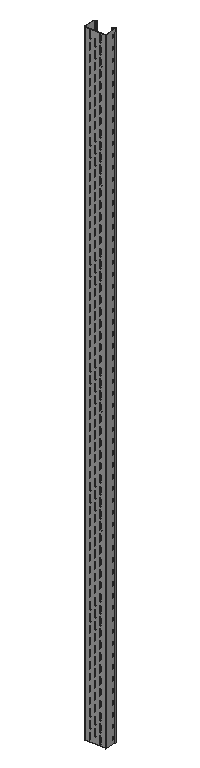
Revit family "Kabelrinne MKS 610FS", category Generic Models, Revit 2017 (continued)
Cuts and joins
  Extrusion 2, Extrusion 3, Extrusion 4, Extrusion 5, Extrusion 6, Extrusion 7, Extrusion 8, Extrusion 9, Extrusion 10, Extrusion 11, Extrusion 12, Extrusion 13, Extrusion 14, Extrusion 15, Extrusion 16, Extrusion 17, Extrusion 18, Extrusion 19, Extrusion 20, Extrusion 21, Extrusion 22, Extrusion 23, Extrusion 24, Extrusion 25, Extrusion 26, Extrusion 27, Extrusion 28, Extrusion 29, Extrusion 30, Extrusion 31, Extrusion 32, Extrusion 33, Extrusion 34, Extrusion 35, Extrusion 36, Extrusion 37, Extrusion 38, Extrusion 39, Extrusion 40, Extrusion 41, Extrusion 42, Extrusion 43, Extrusion 44, Extrusion 45, Extrusion 46, Extrusion 47, Extrusion 48, Extrusion 49, Extrusion 50, Extrusion 51, Extrusion 52, Extrusion 53, Extrusion 54, Extrusion 55, Extrusion 56, Extrusion 57, Extrusion 58, Extrusion 59, Extrusion 60, Extrusion 61, Extrusion 62, Extrusion 63, Extrusion 64, Extrusion 65, Extrusion 66, Extrusion 67, Extrusion 68, Extrusion 69, Extrusion 70, Extrusion 71, Extrusion 72, Extrusion 73, Extrusion 74, Extrusion 75, Extrusion 76, Extrusion 77, Extrusion 78, Extrusion 79, Extrusion 80, Extrusion 81, Extrusion 82, Extrusion 83, Extrusion 84, Extrusion 85, Extrusion 86, Extrusion 87, Extrusion 88, Extrusion 89, Extrusion 90, Extrusion 91, Extrusion 92, Extrusion 93, Extrusion 94, Extrusion 95, Extrusion 96, Extrusion 97, Extrusion 98, Extrusion 99, Extrusion 100, Extrusion 101, Extrusion 102, Extrusion 103, Extrusion 104, Extrusion 105, Extrusion 106, Extrusion 107, Extrusion 108, Extrusion 109, Extrusion 110, Extrusion 111, Extrusion 112, Extrusion 113, Extrusion 114, Extrusion 115, Extrusion 116, Extrusion 117, Extrusion 118, Extrusion 119, Extrusion 120, Extrusion 121, Extrusion 122, Extrusion 123, Extrusion 124, Extrusion 125, Extrusion 126, Extrusion 127, Extrusion 128, Extrusion 129, Extrusion 130, Extrusion 131, Extrusion 132, Extrusion 133, Extrusion 134, Extrusion 135, Extrusion 136, Extrusion 137, Extrusion 138, Extrusion 139, Extrusion 140, Extrusion 141, Extrusion 142, Extrusion 143, Extrusion 144, Extrusion 145, Extrusion 146, Extrusion 147, Extrusion 148, Extrusion 149, Extrusion 150, Extrusion 151, Extrusion 152, Extrusion 153, Extrusion 154, Extrusion 155, Extrusion 156, Extrusion 157, Extrusion 158, Extrusion 159, Extrusion 160, Extrusion 161, Extrusion 162, Extrusion 163, Extrusion 164, Extrusion 165, Extrusion 166, Extrusion 167, Extrusion 168, Extrusion 169, Extrusion 170, Extrusion 171, Extrusion 172, Extrusion 173, Extrusion 174, Extrusion 175, Extrusion 176, Extrusion 177, Extrusion 178, Extrusion 179, Extrusion 180, Extrusion 181, Extrusion 182, Extrusion 183, Extrusion 184, Extrusion 185, Extrusion 186, Extrusion 187, Extrusion 188, Extrusion 189, Extrusion 190, Extrusion 191, Extrusion 192, Extrusion 193, Extrusion 194, Extrusion 195, Extrusion 196, Extrusion 197, Extrusion 198, Extrusion 199, Extrusion 200, Extrusion 201, Extrusion 202, Extrusion 203, Extrusion 204, Extrusion 205, Extrusion 206, Extrusion 207, Extrusion 208, Extrusion 209, Extrusion 210, Extrusion 211, Extrusion 212, Extrusion 213, Extrusion 214, Extrusion 215, Extrusion 216, Extrusion 217, Extrusion 218, Extrusion 219, Extrusion 220, Extrusion 221, Extrusion 222, Extrusion 223, Extrusion 224, Extrusion 225, Extrusion 226, Extrusion 227, Extrusion 228, Extrusion 229, Extrusion 230, Extrusion 231, Extrusion 232, Extrusion 233, Extrusion 234, Extrusion 235, Extrusion 236, Extrusion 237, Extrusion 238, Extrusion 239, Extrusion 240, Extrusion 241, Extrusion 242, Extrusion 243, Extrusion 244, Extrusion 245, Extrusion 246, Extrusion 247, Extrusion 248, Extrusion 249, Extrusion 250, Extrusion 251, Extrusion 252, Extrusion 253, Extrusion 254, Extrusion 255, Extrusion 256, Extrusion 257, Extrusion 258, Extrusion 259, Extrusion 260, Extrusion 261, Extrusion 262, Extrusion 263, Extrusion 264, Extrusion 265, Extrusion 266, Extrusion 267, Extrusion 268, Extrusion 269, Extrusion 270, Extrusion 271, Extrusion 272, Extrusion 273, Extrusion 274, Extrusion 275, Extrusion 276, Extrusion 277, Extrusion 278, Extrusion 279, Extrusion 280, Extrusion 281, Extrusion 282, Extrusion 283, Extrusion 284, Extrusion 285, Extrusion 286, Extrusion 287, Extrusion 288, Extrusion 289, Extrusion 290, Extrusion 291, Extrusion 292, Extrusion 293, Extrusion 294, Extrusion 295, Extrusion 296, Extrusion 297, Extrusion 298, Extrusion 299, Extrusion 300, Extrusion 301, Extrusion 302, Extrusion 303, Extrusion 304, Extrusion 305, Extrusion 306, Extrusion 307, Extrusion 308, Extrusion 309, Extrusion 310, Extrusion 311, Extrusion 312, Extrusion 313, Extrusion 314, Extrusion 315, Extrusion 316, Extrusion 317, Extrusion 318, Extrusion 319, Extrusion 320, Extrusion 321, Extrusion 322, Extrusion 323, Extrusion 324, Extrusion 325, Extrusion 326, Extrusion 327, Extrusion 328, Extrusion 329, Extrusion 330, Extrusion 331, Extrusion 332, Extrusion 333, Extrusion 334, Extrusion 335, Extrusion 336, Extrusion 337, Extrusion 338, Extrusion 339, Extrusion 340, Extrusion 341, Extrusion 342, Extrusion 343, Extrusion 344, Extrusion 345, Extrusion 346, Extrusion 347, Extrusion 348, Extrusion 349, Extrusion 350, Extrusion 351, Extrusion 352, Extrusion 353, Extrusion 354, Extrusion 355, Extrusion 356, Extrusion 357, Extrusion 358, Extrusion 359, Extrusion 360, Extrusion 361, Extrusion 362, Extrusion 363, Extrusion 364, Extrusion 365, Extrusion 366, Extrusion 367, Extrusion 368, Extrusion 369, Extrusion 370, Extrusion 371, Extrusion 372, Extrusion 373, Extrusion 374, Extrusion 375, Extrusion 376, Extrusion 377, Extrusion 378, Extrusion 379, Extrusion 380, Extrusion 381, Extrusion 382, Extrusion 383, Extrusion 384, Extrusion 385, Extrusion 386, Extrusion 387, Extrusion 388, Extrusion 389, Extrusion 390, Extrusion 391, Extrusion 392, Extrusion 393, Extrusion 394, Extrusion 395, Extrusion 396, Extrusion 397, Extrusion 398, Extrusion 399, Extrusion 400, Extrusion 401, Extrusion 402, Extrusion 403, Extrusion 404, Extrusion 405, Extrusion 406, Extrusion 407, Extrusion 408, Extrusion 409, Extrusion 410, Extrusion 411, Extrusion 412, Extrusion 413, Extrusion 414, Extrusion 415, Extrusion 416, Extrusion 417, Extrusion 418, Extrusion 419, Extrusion 420 cuts Extrusion 1
Dimensions and locks
  locked: plane 4 to plane 3 "Center (Left/Right)" at 50
  locked: plane 3 "Center (Left/Right)" to plane 5 at 50
  locked: Extrusion 1 sketch curve to Extrusion 1 sketch curve at 1  (x5)
  locked: Extrusion 1 sketch curve to Extrusion 1 sketch curve at 9.003
  locked: Extrusion 1 sketch curve to Extrusion 1 sketch curve at 8.003
  locked: Extrusion 1 sketch curve to Extrusion 1 sketch curve at 58
  Extrusion 1 sketch curve to Extrusion 1 sketch curve = 59.003 mm
  locked: Extrusion 1 sketch curve to Extrusion 1 sketch curve at 58.003
  "Width 1": Extrusion 1 to plane 3 "Center (Left/Right)"
  "Width": Extrusion 1 to Extrusion 1
  plane 10 to level = 3000 mm
  locked: Extrusion 2 sketch curve to Extrusion 2 sketch curve at 7
  locked: plane 11 to Extrusion 2 sketch curve at 3.5
  locked: Extrusion 2 sketch curve to Extrusion 2 sketch curve at 32
  locked: plane 13 to Extrusion 2 sketch curve at 16
  locked: Extrusion 3 sketch curve to Extrusion 3 sketch curve at 7
  locked: plane 14 to Extrusion 3 sketch curve at 3.5
  locked: Extrusion 3 sketch curve to Extrusion 3 sketch curve at 32
  locked: plane 16 to Extrusion 3 sketch curve at 16
  locked: Extrusion 4 sketch curve to Extrusion 4 sketch curve at 7
  locked: plane 17 to Extrusion 4 sketch curve at 3.5
  locked: Extrusion 4 sketch curve to Extrusion 4 sketch curve at 32
  locked: plane 19 to Extrusion 4 sketch curve at 16
  locked: Extrusion 5 sketch curve to Extrusion 5 sketch curve at 7
  locked: plane 20 to Extrusion 5 sketch curve at 3.5
  locked: Extrusion 5 sketch curve to Extrusion 5 sketch curve at 32
  locked: plane 22 to Extrusion 5 sketch curve at 16
  equal spacing: group 1, group 2, group 3, group 4, group 5, group 6, group 7, group 8, group 9, group 10, group 11, group 12, group 13, group 14, group 15, group 16, group 17, group 18, group 19, group 20, group 21, group 22, group 23, group 24, group 25, group 26, group 27, group 28, group 29, group 30, group 31, group 32, group 33, group 34, group 35, group 36, group 37, group 38, group 39, group 40, group 41, group 42, group 43, group 44, group 45, group 46, group 47, group 48, group 49, group 50, group 51, group 52, group 53, group 54, group 55, group 56, group 57, group 58, group 59, group 60  (x3)
  locked: Extrusion 6 sketch curve to Extrusion 6 sketch curve at 7
  locked: plane 23 to Extrusion 6 sketch curve at 3.5
  locked: Extrusion 6 sketch curve to Extrusion 6 sketch curve at 32
  locked: plane 25 to Extrusion 6 sketch curve at 16
  locked: Extrusion 7 sketch curve to Extrusion 7 sketch curve at 7
  locked: plane 26 to Extrusion 7 sketch curve at 3.5
  locked: Extrusion 7 sketch curve to Extrusion 7 sketch curve at 32
  locked: plane 28 to Extrusion 7 sketch curve at 16
  locked: Extrusion 8 sketch curve to Extrusion 8 sketch curve at 7
  locked: plane 29 to Extrusion 8 sketch curve at 3.5
  locked: Extrusion 8 sketch curve to Extrusion 8 sketch curve at 32
  locked: plane 31 to Extrusion 8 sketch curve at 16
  locked: Extrusion 9 sketch curve to Extrusion 9 sketch curve at 7
  locked: plane 32 to Extrusion 9 sketch curve at 3.5
  locked: Extrusion 9 sketch curve to Extrusion 9 sketch curve at 32
  locked: plane 34 to Extrusion 9 sketch curve at 16
  locked: Extrusion 10 sketch curve to Extrusion 10 sketch curve at 7
  locked: plane 35 to Extrusion 10 sketch curve at 3.5
  locked: Extrusion 10 sketch curve to Extrusion 10 sketch curve at 32
  locked: plane 37 to Extrusion 10 sketch curve at 16
  locked: Extrusion 11 sketch curve to Extrusion 11 sketch curve at 7
  locked: plane 38 to Extrusion 11 sketch curve at 3.5
  locked: Extrusion 11 sketch curve to Extrusion 11 sketch curve at 32
  locked: plane 40 to Extrusion 11 sketch curve at 16
  locked: Extrusion 12 sketch curve to Extrusion 12 sketch curve at 7
  locked: plane 41 to Extrusion 12 sketch curve at 3.5
  locked: Extrusion 12 sketch curve to Extrusion 12 sketch curve at 32
  locked: plane 43 to Extrusion 12 sketch curve at 16
  locked: Extrusion 13 sketch curve to Extrusion 13 sketch curve at 7
  locked: plane 44 to Extrusion 13 sketch curve at 3.5
  locked: Extrusion 13 sketch curve to Extrusion 13 sketch curve at 32
  locked: plane 46 to Extrusion 13 sketch curve at 16
  locked: Extrusion 14 sketch curve to Extrusion 14 sketch curve at 7
  locked: plane 47 to Extrusion 14 sketch curve at 3.5
  locked: Extrusion 14 sketch curve to Extrusion 14 sketch curve at 32
  locked: plane 49 to Extrusion 14 sketch curve at 16
  locked: Extrusion 15 sketch curve to Extrusion 15 sketch curve at 7
  locked: plane 50 to Extrusion 15 sketch curve at 3.5
  locked: Extrusion 15 sketch curve to Extrusion 15 sketch curve at 32
  locked: plane 52 to Extrusion 15 sketch curve at 16
  locked: Extrusion 16 sketch curve to Extrusion 16 sketch curve at 7
  locked: plane 53 to Extrusion 16 sketch curve at 3.5
  locked: Extrusion 16 sketch curve to Extrusion 16 sketch curve at 32
  locked: plane 55 to Extrusion 16 sketch curve at 16
  locked: Extrusion 17 sketch curve to Extrusion 17 sketch curve at 7
  locked: plane 56 to Extrusion 17 sketch curve at 3.5
  locked: Extrusion 17 sketch curve to Extrusion 17 sketch curve at 32
  locked: plane 58 to Extrusion 17 sketch curve at 16
  locked: Extrusion 18 sketch curve to Extrusion 18 sketch curve at 7
  locked: plane 59 to Extrusion 18 sketch curve at 3.5
  locked: Extrusion 18 sketch curve to Extrusion 18 sketch curve at 32
  locked: plane 61 to Extrusion 18 sketch curve at 16
  locked: Extrusion 19 sketch curve to Extrusion 19 sketch curve at 7
  locked: plane 62 to Extrusion 19 sketch curve at 3.5
  locked: Extrusion 19 sketch curve to Extrusion 19 sketch curve at 32
  locked: plane 64 to Extrusion 19 sketch curve at 16
  locked: Extrusion 20 sketch curve to Extrusion 20 sketch curve at 7
  locked: plane 65 to Extrusion 20 sketch curve at 3.5
  locked: Extrusion 20 sketch curve to Extrusion 20 sketch curve at 32
  locked: plane 67 to Extrusion 20 sketch curve at 16
  locked: Extrusion 21 sketch curve to Extrusion 21 sketch curve at 7
  locked: plane 68 to Extrusion 21 sketch curve at 3.5
  locked: Extrusion 21 sketch curve to Extrusion 21 sketch curve at 32
  locked: plane 70 to Extrusion 21 sketch curve at 16
  locked: Extrusion 22 sketch curve to Extrusion 22 sketch curve at 7
  locked: plane 71 to Extrusion 22 sketch curve at 3.5
  locked: Extrusion 22 sketch curve to Extrusion 22 sketch curve at 32
  locked: plane 73 to Extrusion 22 sketch curve at 16
  locked: Extrusion 23 sketch curve to Extrusion 23 sketch curve at 7
  locked: plane 74 to Extrusion 23 sketch curve at 3.5
  locked: Extrusion 23 sketch curve to Extrusion 23 sketch curve at 32
  locked: plane 76 to Extrusion 23 sketch curve at 16
  locked: Extrusion 24 sketch curve to Extrusion 24 sketch curve at 7
  locked: plane 77 to Extrusion 24 sketch curve at 3.5
  locked: Extrusion 24 sketch curve to Extrusion 24 sketch curve at 32
  locked: plane 79 to Extrusion 24 sketch curve at 16
  locked: Extrusion 25 sketch curve to Extrusion 25 sketch curve at 7
  locked: plane 80 to Extrusion 25 sketch curve at 3.5
  locked: Extrusion 25 sketch curve to Extrusion 25 sketch curve at 32
  locked: plane 82 to Extrusion 25 sketch curve at 16
  locked: Extrusion 26 sketch curve to Extrusion 26 sketch curve at 7
  locked: plane 83 to Extrusion 26 sketch curve at 3.5
  locked: Extrusion 26 sketch curve to Extrusion 26 sketch curve at 32
  locked: plane 85 to Extrusion 26 sketch curve at 16
  locked: Extrusion 27 sketch curve to Extrusion 27 sketch curve at 7
  locked: plane 86 to Extrusion 27 sketch curve at 3.5
  locked: Extrusion 27 sketch curve to Extrusion 27 sketch curve at 32
  locked: plane 88 to Extrusion 27 sketch curve at 16
  locked: Extrusion 28 sketch curve to Extrusion 28 sketch curve at 7
  locked: plane 89 to Extrusion 28 sketch curve at 3.5
  locked: Extrusion 28 sketch curve to Extrusion 28 sketch curve at 32
  locked: plane 91 to Extrusion 28 sketch curve at 16
  locked: Extrusion 29 sketch curve to Extrusion 29 sketch curve at 7
  locked: plane 92 to Extrusion 29 sketch curve at 3.5
  locked: Extrusion 29 sketch curve to Extrusion 29 sketch curve at 32
  locked: plane 94 to Extrusion 29 sketch curve at 16
  locked: Extrusion 30 sketch curve to Extrusion 30 sketch curve at 7
  locked: plane 95 to Extrusion 30 sketch curve at 3.5
  locked: Extrusion 30 sketch curve to Extrusion 30 sketch curve at 32
  locked: plane 97 to Extrusion 30 sketch curve at 16
  locked: Extrusion 31 sketch curve to Extrusion 31 sketch curve at 7
  locked: plane 98 to Extrusion 31 sketch curve at 3.5
  locked: Extrusion 31 sketch curve to Extrusion 31 sketch curve at 32
  locked: plane 100 to Extrusion 31 sketch curve at 16
  locked: Extrusion 32 sketch curve to Extrusion 32 sketch curve at 7
  locked: plane 101 to Extrusion 32 sketch curve at 3.5
  locked: Extrusion 32 sketch curve to Extrusion 32 sketch curve at 32
  locked: plane 103 to Extrusion 32 sketch curve at 16
  locked: Extrusion 33 sketch curve to Extrusion 33 sketch curve at 7
  locked: plane 104 to Extrusion 33 sketch curve at 3.5
  locked: Extrusion 33 sketch curve to Extrusion 33 sketch curve at 32
  locked: plane 106 to Extrusion 33 sketch curve at 16
  locked: Extrusion 34 sketch curve to Extrusion 34 sketch curve at 7
  locked: plane 107 to Extrusion 34 sketch curve at 3.5
  locked: Extrusion 34 sketch curve to Extrusion 34 sketch curve at 32
  locked: plane 109 to Extrusion 34 sketch curve at 16
  locked: Extrusion 35 sketch curve to Extrusion 35 sketch curve at 7
  locked: plane 110 to Extrusion 35 sketch curve at 3.5
  locked: Extrusion 35 sketch curve to Extrusion 35 sketch curve at 32
  locked: plane 112 to Extrusion 35 sketch curve at 16
  locked: Extrusion 36 sketch curve to Extrusion 36 sketch curve at 7
  locked: plane 113 to Extrusion 36 sketch curve at 3.5
  locked: Extrusion 36 sketch curve to Extrusion 36 sketch curve at 32
  locked: plane 115 to Extrusion 36 sketch curve at 16
  locked: Extrusion 37 sketch curve to Extrusion 37 sketch curve at 7
  locked: plane 116 to Extrusion 37 sketch curve at 3.5
  locked: Extrusion 37 sketch curve to Extrusion 37 sketch curve at 32
  locked: plane 118 to Extrusion 37 sketch curve at 16
  locked: Extrusion 38 sketch curve to Extrusion 38 sketch curve at 7
  locked: plane 119 to Extrusion 38 sketch curve at 3.5
  locked: Extrusion 38 sketch curve to Extrusion 38 sketch curve at 32
  locked: plane 121 to Extrusion 38 sketch curve at 16
  locked: Extrusion 39 sketch curve to Extrusion 39 sketch curve at 7
  locked: plane 122 to Extrusion 39 sketch curve at 3.5
  locked: Extrusion 39 sketch curve to Extrusion 39 sketch curve at 32
  locked: plane 124 to Extrusion 39 sketch curve at 16
  locked: Extrusion 40 sketch curve to Extrusion 40 sketch curve at 7
  locked: plane 125 to Extrusion 40 sketch curve at 3.5
  locked: Extrusion 40 sketch curve to Extrusion 40 sketch curve at 32
  locked: plane 127 to Extrusion 40 sketch curve at 16
  locked: Extrusion 41 sketch curve to Extrusion 41 sketch curve at 7
  locked: plane 128 to Extrusion 41 sketch curve at 3.5
  locked: Extrusion 41 sketch curve to Extrusion 41 sketch curve at 32
  locked: plane 130 to Extrusion 41 sketch curve at 16
  locked: Extrusion 42 sketch curve to Extrusion 42 sketch curve at 7
  locked: plane 131 to Extrusion 42 sketch curve at 3.5
  locked: Extrusion 42 sketch curve to Extrusion 42 sketch curve at 32
  locked: plane 133 to Extrusion 42 sketch curve at 16
  locked: Extrusion 43 sketch curve to Extrusion 43 sketch curve at 7
  locked: plane 134 to Extrusion 43 sketch curve at 3.5
  locked: Extrusion 43 sketch curve to Extrusion 43 sketch curve at 32
  locked: plane 136 to Extrusion 43 sketch curve at 16
  locked: Extrusion 44 sketch curve to Extrusion 44 sketch curve at 7
  locked: plane 137 to Extrusion 44 sketch curve at 3.5
  locked: Extrusion 44 sketch curve to Extrusion 44 sketch curve at 32
  locked: plane 139 to Extrusion 44 sketch curve at 16
  locked: Extrusion 45 sketch curve to Extrusion 45 sketch curve at 7
  locked: plane 140 to Extrusion 45 sketch curve at 3.5
  locked: Extrusion 45 sketch curve to Extrusion 45 sketch curve at 32
  locked: plane 142 to Extrusion 45 sketch curve at 16
  locked: Extrusion 46 sketch curve to Extrusion 46 sketch curve at 7
  locked: plane 143 to Extrusion 46 sketch curve at 3.5
  locked: Extrusion 46 sketch curve to Extrusion 46 sketch curve at 32
  locked: plane 145 to Extrusion 46 sketch curve at 16
  locked: Extrusion 47 sketch curve to Extrusion 47 sketch curve at 7
  locked: plane 146 to Extrusion 47 sketch curve at 3.5
  locked: Extrusion 47 sketch curve to Extrusion 47 sketch curve at 32
  locked: plane 148 to Extrusion 47 sketch curve at 16
  locked: Extrusion 48 sketch curve to Extrusion 48 sketch curve at 7
  locked: plane 149 to Extrusion 48 sketch curve at 3.5
  locked: Extrusion 48 sketch curve to Extrusion 48 sketch curve at 32
  locked: plane 151 to Extrusion 48 sketch curve at 16
  locked: Extrusion 49 sketch curve to Extrusion 49 sketch curve at 7
  locked: plane 152 to Extrusion 49 sketch curve at 3.5
  locked: Extrusion 49 sketch curve to Extrusion 49 sketch curve at 32
  locked: plane 154 to Extrusion 49 sketch curve at 16
  locked: Extrusion 50 sketch curve to Extrusion 50 sketch curve at 7
  locked: plane 155 to Extrusion 50 sketch curve at 3.5
  locked: Extrusion 50 sketch curve to Extrusion 50 sketch curve at 32
  locked: plane 157 to Extrusion 50 sketch curve at 16
  locked: Extrusion 51 sketch curve to Extrusion 51 sketch curve at 7
  locked: plane 158 to Extrusion 51 sketch curve at 3.5
  locked: Extrusion 51 sketch curve to Extrusion 51 sketch curve at 32
  locked: plane 160 to Extrusion 51 sketch curve at 16
  locked: Extrusion 52 sketch curve to Extrusion 52 sketch curve at 7
  locked: plane 161 to Extrusion 52 sketch curve at 3.5
  locked: Extrusion 52 sketch curve to Extrusion 52 sketch curve at 32
  locked: plane 163 to Extrusion 52 sketch curve at 16
  locked: Extrusion 53 sketch curve to Extrusion 53 sketch curve at 7
  locked: plane 164 to Extrusion 53 sketch curve at 3.5
  locked: Extrusion 53 sketch curve to Extrusion 53 sketch curve at 32
  locked: plane 166 to Extrusion 53 sketch curve at 16
  locked: Extrusion 54 sketch curve to Extrusion 54 sketch curve at 7
  locked: plane 167 to Extrusion 54 sketch curve at 3.5
  locked: Extrusion 54 sketch curve to Extrusion 54 sketch curve at 32
  locked: plane 169 to Extrusion 54 sketch curve at 16
  locked: Extrusion 55 sketch curve to Extrusion 55 sketch curve at 7
  locked: plane 170 to Extrusion 55 sketch curve at 3.5
  locked: Extrusion 55 sketch curve to Extrusion 55 sketch curve at 32
  locked: plane 172 to Extrusion 55 sketch curve at 16
  locked: Extrusion 56 sketch curve to Extrusion 56 sketch curve at 7
  locked: plane 173 to Extrusion 56 sketch curve at 3.5
  locked: Extrusion 56 sketch curve to Extrusion 56 sketch curve at 32
  locked: plane 175 to Extrusion 56 sketch curve at 16
  locked: Extrusion 57 sketch curve to Extrusion 57 sketch curve at 7
  locked: plane 176 to Extrusion 57 sketch curve at 3.5
  locked: Extrusion 57 sketch curve to Extrusion 57 sketch curve at 32
  locked: plane 178 to Extrusion 57 sketch curve at 16
  locked: Extrusion 58 sketch curve to Extrusion 58 sketch curve at 7
  locked: plane 179 to Extrusion 58 sketch curve at 3.5
  locked: Extrusion 58 sketch curve to Extrusion 58 sketch curve at 32
  locked: plane 181 to Extrusion 58 sketch curve at 16
  locked: Extrusion 59 sketch curve to Extrusion 59 sketch curve at 7
  locked: plane 182 to Extrusion 59 sketch curve at 3.5
  locked: Extrusion 59 sketch curve to Extrusion 59 sketch curve at 32
  locked: plane 184 to Extrusion 59 sketch curve at 16
  locked: Extrusion 60 sketch curve to Extrusion 60 sketch curve at 7
  locked: plane 185 to Extrusion 60 sketch curve at 3.5
  locked: Extrusion 60 sketch curve to Extrusion 60 sketch curve at 32
  locked: plane 187 to Extrusion 60 sketch curve at 16
  locked: Extrusion 61 sketch curve to Extrusion 61 sketch curve at 7
  locked: plane 188 to Extrusion 61 sketch curve at 3.5
  locked: Extrusion 61 sketch curve to Extrusion 61 sketch curve at 32
  locked: plane 190 to Extrusion 61 sketch curve at 16
  locked: Extrusion 62 sketch curve to Extrusion 62 sketch curve at 7
  locked: plane 191 to Extrusion 62 sketch curve at 3.5
  locked: Extrusion 62 sketch curve to Extrusion 62 sketch curve at 32
  locked: plane 193 to Extrusion 62 sketch curve at 16
  locked: Extrusion 63 sketch curve to Extrusion 63 sketch curve at 7
  locked: plane 194 to Extrusion 63 sketch curve at 3.5
  locked: Extrusion 63 sketch curve to Extrusion 63 sketch curve at 32
  locked: plane 196 to Extrusion 63 sketch curve at 16
  locked: Extrusion 64 sketch curve to Extrusion 64 sketch curve at 7
  locked: plane 197 to Extrusion 64 sketch curve at 3.5
  locked: Extrusion 64 sketch curve to Extrusion 64 sketch curve at 32
  locked: plane 199 to Extrusion 64 sketch curve at 16
  locked: Extrusion 65 sketch curve to Extrusion 65 sketch curve at 7
  locked: plane 200 to Extrusion 65 sketch curve at 3.5
  locked: Extrusion 65 sketch curve to Extrusion 65 sketch curve at 32
  locked: plane 202 to Extrusion 65 sketch curve at 16
  locked: Extrusion 66 sketch curve to Extrusion 66 sketch curve at 7
  locked: plane 203 to Extrusion 66 sketch curve at 3.5
  locked: Extrusion 66 sketch curve to Extrusion 66 sketch curve at 32
  locked: plane 205 to Extrusion 66 sketch curve at 16
  locked: Extrusion 67 sketch curve to Extrusion 67 sketch curve at 7
  locked: plane 206 to Extrusion 67 sketch curve at 3.5
  locked: Extrusion 67 sketch curve to Extrusion 67 sketch curve at 32
  locked: plane 208 to Extrusion 67 sketch curve at 16
  locked: Extrusion 68 sketch curve to Extrusion 68 sketch curve at 7
  locked: plane 209 to Extrusion 68 sketch curve at 3.5
  locked: Extrusion 68 sketch curve to Extrusion 68 sketch curve at 32
  locked: plane 211 to Extrusion 68 sketch curve at 16
  locked: Extrusion 69 sketch curve to Extrusion 69 sketch curve at 7
  locked: plane 212 to Extrusion 69 sketch curve at 3.5
  locked: Extrusion 69 sketch curve to Extrusion 69 sketch curve at 32
  locked: plane 214 to Extrusion 69 sketch curve at 16
  locked: Extrusion 70 sketch curve to Extrusion 70 sketch curve at 7
  locked: plane 215 to Extrusion 70 sketch curve at 3.5
  locked: Extrusion 70 sketch curve to Extrusion 70 sketch curve at 32
  locked: plane 217 to Extrusion 70 sketch curve at 16
  locked: Extrusion 71 sketch curve to Extrusion 71 sketch curve at 7
  locked: plane 218 to Extrusion 71 sketch curve at 3.5
  locked: Extrusion 71 sketch curve to Extrusion 71 sketch curve at 32
  locked: plane 220 to Extrusion 71 sketch curve at 16
  locked: Extrusion 72 sketch curve to Extrusion 72 sketch curve at 7
  locked: plane 221 to Extrusion 72 sketch curve at 3.5
  locked: Extrusion 72 sketch curve to Extrusion 72 sketch curve at 32
  locked: plane 223 to Extrusion 72 sketch curve at 16
  locked: Extrusion 73 sketch curve to Extrusion 73 sketch curve at 7
  locked: plane 224 to Extrusion 73 sketch curve at 3.5
  locked: Extrusion 73 sketch curve to Extrusion 73 sketch curve at 32
  locked: plane 226 to Extrusion 73 sketch curve at 16
  locked: Extrusion 74 sketch curve to Extrusion 74 sketch curve at 7
  locked: plane 227 to Extrusion 74 sketch curve at 3.5
  locked: Extrusion 74 sketch curve to Extrusion 74 sketch curve at 32
  locked: plane 229 to Extrusion 74 sketch curve at 16
  locked: Extrusion 75 sketch curve to Extrusion 75 sketch curve at 7
  locked: plane 230 to Extrusion 75 sketch curve at 3.5
  locked: Extrusion 75 sketch curve to Extrusion 75 sketch curve at 32
  locked: plane 232 to Extrusion 75 sketch curve at 16
  locked: Extrusion 76 sketch curve to Extrusion 76 sketch curve at 7
  locked: plane 233 to Extrusion 76 sketch curve at 3.5
  locked: Extrusion 76 sketch curve to Extrusion 76 sketch curve at 32
  locked: plane 235 to Extrusion 76 sketch curve at 16
  locked: Extrusion 77 sketch curve to Extrusion 77 sketch curve at 7
  locked: plane 236 to Extrusion 77 sketch curve at 3.5
  locked: Extrusion 77 sketch curve to Extrusion 77 sketch curve at 32
  locked: plane 238 to Extrusion 77 sketch curve at 16
  locked: Extrusion 78 sketch curve to Extrusion 78 sketch curve at 7
  locked: plane 239 to Extrusion 78 sketch curve at 3.5
  locked: Extrusion 78 sketch curve to Extrusion 78 sketch curve at 32
  locked: plane 241 to Extrusion 78 sketch curve at 16
  locked: Extrusion 79 sketch curve to Extrusion 79 sketch curve at 7
  locked: plane 242 to Extrusion 79 sketch curve at 3.5
  locked: Extrusion 79 sketch curve to Extrusion 79 sketch curve at 32
  locked: plane 244 to Extrusion 79 sketch curve at 16
  locked: Extrusion 80 sketch curve to Extrusion 80 sketch curve at 7
  locked: plane 245 to Extrusion 80 sketch curve at 3.5
  locked: Extrusion 80 sketch curve to Extrusion 80 sketch curve at 32
  locked: plane 247 to Extrusion 80 sketch curve at 16
  locked: Extrusion 81 sketch curve to Extrusion 81 sketch curve at 7
  locked: plane 248 to Extrusion 81 sketch curve at 3.5
  locked: Extrusion 81 sketch curve to Extrusion 81 sketch curve at 32
  locked: plane 250 to Extrusion 81 sketch curve at 16
  locked: Extrusion 82 sketch curve to Extrusion 82 sketch curve at 7
  locked: plane 251 to Extrusion 82 sketch curve at 3.5
  locked: Extrusion 82 sketch curve to Extrusion 82 sketch curve at 32
  locked: plane 253 to Extrusion 82 sketch curve at 16
  locked: Extrusion 83 sketch curve to Extrusion 83 sketch curve at 7
  locked: plane 254 to Extrusion 83 sketch curve at 3.5
  locked: Extrusion 83 sketch curve to Extrusion 83 sketch curve at 32
  locked: plane 256 to Extrusion 83 sketch curve at 16
  locked: Extrusion 84 sketch curve to Extrusion 84 sketch curve at 7
  locked: plane 257 to Extrusion 84 sketch curve at 3.5
  locked: Extrusion 84 sketch curve to Extrusion 84 sketch curve at 32
  locked: plane 259 to Extrusion 84 sketch curve at 16
  locked: Extrusion 85 sketch curve to Extrusion 85 sketch curve at 7
  locked: plane 260 to Extrusion 85 sketch curve at 3.5
  locked: Extrusion 85 sketch curve to Extrusion 85 sketch curve at 32
  locked: plane 262 to Extrusion 85 sketch curve at 16
  locked: Extrusion 86 sketch curve to Extrusion 86 sketch curve at 7
  locked: plane 263 to Extrusion 86 sketch curve at 3.5
  locked: Extrusion 86 sketch curve to Extrusion 86 sketch curve at 32
  locked: plane 265 to Extrusion 86 sketch curve at 16
  locked: Extrusion 87 sketch curve to Extrusion 87 sketch curve at 7
  locked: plane 266 to Extrusion 87 sketch curve at 3.5
  locked: Extrusion 87 sketch curve to Extrusion 87 sketch curve at 32
  locked: plane 268 to Extrusion 87 sketch curve at 16
  locked: Extrusion 88 sketch curve to Extrusion 88 sketch curve at 7
  locked: plane 269 to Extrusion 88 sketch curve at 3.5
  locked: Extrusion 88 sketch curve to Extrusion 88 sketch curve at 32
  locked: plane 271 to Extrusion 88 sketch curve at 16
  locked: Extrusion 89 sketch curve to Extrusion 89 sketch curve at 7
  locked: plane 272 to Extrusion 89 sketch curve at 3.5
  locked: Extrusion 89 sketch curve to Extrusion 89 sketch curve at 32
  locked: plane 274 to Extrusion 89 sketch curve at 16
  locked: Extrusion 90 sketch curve to Extrusion 90 sketch curve at 7
  locked: plane 275 to Extrusion 90 sketch curve at 3.5
  locked: Extrusion 90 sketch curve to Extrusion 90 sketch curve at 32
  locked: plane 277 to Extrusion 90 sketch curve at 16
  locked: Extrusion 91 sketch curve to Extrusion 91 sketch curve at 7
  locked: plane 278 to Extrusion 91 sketch curve at 3.5
  locked: Extrusion 91 sketch curve to Extrusion 91 sketch curve at 32
  locked: plane 280 to Extrusion 91 sketch curve at 16
  locked: Extrusion 92 sketch curve to Extrusion 92 sketch curve at 7
  locked: plane 281 to Extrusion 92 sketch curve at 3.5
  locked: Extrusion 92 sketch curve to Extrusion 92 sketch curve at 32
  locked: plane 283 to Extrusion 92 sketch curve at 16
  locked: Extrusion 93 sketch curve to Extrusion 93 sketch curve at 7
  locked: plane 284 to Extrusion 93 sketch curve at 3.5
  locked: Extrusion 93 sketch curve to Extrusion 93 sketch curve at 32
  locked: plane 286 to Extrusion 93 sketch curve at 16
  locked: Extrusion 94 sketch curve to Extrusion 94 sketch curve at 7
  locked: plane 287 to Extrusion 94 sketch curve at 3.5
  locked: Extrusion 94 sketch curve to Extrusion 94 sketch curve at 32
  locked: plane 289 to Extrusion 94 sketch curve at 16
  locked: Extrusion 95 sketch curve to Extrusion 95 sketch curve at 7
  locked: plane 290 to Extrusion 95 sketch curve at 3.5
  locked: Extrusion 95 sketch curve to Extrusion 95 sketch curve at 32
  locked: plane 292 to Extrusion 95 sketch curve at 16
  locked: Extrusion 96 sketch curve to Extrusion 96 sketch curve at 7
  locked: plane 293 to Extrusion 96 sketch curve at 3.5
  locked: Extrusion 96 sketch curve to Extrusion 96 sketch curve at 32
  locked: plane 295 to Extrusion 96 sketch curve at 16
  locked: Extrusion 97 sketch curve to Extrusion 97 sketch curve at 7
  locked: plane 296 to Extrusion 97 sketch curve at 3.5
  locked: Extrusion 97 sketch curve to Extrusion 97 sketch curve at 32
  locked: plane 298 to Extrusion 97 sketch curve at 16
  locked: Extrusion 98 sketch curve to Extrusion 98 sketch curve at 7
  locked: plane 299 to Extrusion 98 sketch curve at 3.5
  locked: Extrusion 98 sketch curve to Extrusion 98 sketch curve at 32
  locked: plane 301 to Extrusion 98 sketch curve at 16
  locked: Extrusion 99 sketch curve to Extrusion 99 sketch curve at 7
  locked: plane 302 to Extrusion 99 sketch curve at 3.5
  locked: Extrusion 99 sketch curve to Extrusion 99 sketch curve at 32
  locked: plane 304 to Extrusion 99 sketch curve at 16
  locked: Extrusion 100 sketch curve to Extrusion 100 sketch curve at 7
  locked: plane 305 to Extrusion 100 sketch curve at 3.5
  locked: Extrusion 100 sketch curve to Extrusion 100 sketch curve at 32
  locked: plane 307 to Extrusion 100 sketch curve at 16
  locked: Extrusion 101 sketch curve to Extrusion 101 sketch curve at 7
  locked: plane 308 to Extrusion 101 sketch curve at 3.5
  locked: Extrusion 101 sketch curve to Extrusion 101 sketch curve at 32
  locked: plane 310 to Extrusion 101 sketch curve at 16
  locked: Extrusion 102 sketch curve to Extrusion 102 sketch curve at 7
  locked: plane 311 to Extrusion 102 sketch curve at 3.5
  locked: Extrusion 102 sketch curve to Extrusion 102 sketch curve at 32
  locked: plane 313 to Extrusion 102 sketch curve at 16
  locked: Extrusion 103 sketch curve to Extrusion 103 sketch curve at 7
  locked: plane 314 to Extrusion 103 sketch curve at 3.5
  locked: Extrusion 103 sketch curve to Extrusion 103 sketch curve at 32
  locked: plane 316 to Extrusion 103 sketch curve at 16
  locked: Extrusion 104 sketch curve to Extrusion 104 sketch curve at 7
  locked: plane 317 to Extrusion 104 sketch curve at 3.5
  locked: Extrusion 104 sketch curve to Extrusion 104 sketch curve at 32
  locked: plane 319 to Extrusion 104 sketch curve at 16
  locked: Extrusion 105 sketch curve to Extrusion 105 sketch curve at 7
  locked: plane 320 to Extrusion 105 sketch curve at 3.5
  locked: Extrusion 105 sketch curve to Extrusion 105 sketch curve at 32
  locked: plane 322 to Extrusion 105 sketch curve at 16
  locked: Extrusion 106 sketch curve to Extrusion 106 sketch curve at 7
  locked: plane 323 to Extrusion 106 sketch curve at 3.5
  locked: Extrusion 106 sketch curve to Extrusion 106 sketch curve at 32
  locked: plane 325 to Extrusion 106 sketch curve at 16
  locked: Extrusion 107 sketch curve to Extrusion 107 sketch curve at 7
  locked: plane 326 to Extrusion 107 sketch curve at 3.5
  locked: Extrusion 107 sketch curve to Extrusion 107 sketch curve at 32
  locked: plane 328 to Extrusion 107 sketch curve at 16
  locked: Extrusion 108 sketch curve to Extrusion 108 sketch curve at 7
  locked: plane 329 to Extrusion 108 sketch curve at 3.5
  locked: Extrusion 108 sketch curve to Extrusion 108 sketch curve at 32
  locked: plane 331 to Extrusion 108 sketch curve at 16
  locked: Extrusion 109 sketch curve to Extrusion 109 sketch curve at 7
  locked: plane 332 to Extrusion 109 sketch curve at 3.5
  locked: Extrusion 109 sketch curve to Extrusion 109 sketch curve at 32
  locked: plane 334 to Extrusion 109 sketch curve at 16
  locked: Extrusion 110 sketch curve to Extrusion 110 sketch curve at 7
  locked: plane 335 to Extrusion 110 sketch curve at 3.5
  locked: Extrusion 110 sketch curve to Extrusion 110 sketch curve at 32
  locked: plane 337 to Extrusion 110 sketch curve at 16
  locked: Extrusion 111 sketch curve to Extrusion 111 sketch curve at 7
  locked: plane 338 to Extrusion 111 sketch curve at 3.5
  locked: Extrusion 111 sketch curve to Extrusion 111 sketch curve at 32
  locked: plane 340 to Extrusion 111 sketch curve at 16
  locked: Extrusion 112 sketch curve to Extrusion 112 sketch curve at 7
  locked: plane 341 to Extrusion 112 sketch curve at 3.5
  locked: Extrusion 112 sketch curve to Extrusion 112 sketch curve at 32
  locked: plane 343 to Extrusion 112 sketch curve at 16
  locked: Extrusion 113 sketch curve to Extrusion 113 sketch curve at 7
  locked: plane 344 to Extrusion 113 sketch curve at 3.5
  locked: Extrusion 113 sketch curve to Extrusion 113 sketch curve at 32
  locked: plane 346 to Extrusion 113 sketch curve at 16
  locked: Extrusion 114 sketch curve to Extrusion 114 sketch curve at 7
  locked: plane 347 to Extrusion 114 sketch curve at 3.5
  locked: Extrusion 114 sketch curve to Extrusion 114 sketch curve at 32
  locked: plane 349 to Extrusion 114 sketch curve at 16
  locked: Extrusion 115 sketch curve to Extrusion 115 sketch curve at 7
  locked: plane 350 to Extrusion 115 sketch curve at 3.5
  locked: Extrusion 115 sketch curve to Extrusion 115 sketch curve at 32
  locked: plane 352 to Extrusion 115 sketch curve at 16
  locked: Extrusion 116 sketch curve to Extrusion 116 sketch curve at 7
  locked: plane 353 to Extrusion 116 sketch curve at 3.5
  locked: Extrusion 116 sketch curve to Extrusion 116 sketch curve at 32
  locked: plane 355 to Extrusion 116 sketch curve at 16
  locked: Extrusion 117 sketch curve to Extrusion 117 sketch curve at 7
  locked: plane 356 to Extrusion 117 sketch curve at 3.5
  locked: Extrusion 117 sketch curve to Extrusion 117 sketch curve at 32
  locked: plane 358 to Extrusion 117 sketch curve at 16
  locked: Extrusion 118 sketch curve to Extrusion 118 sketch curve at 7
  locked: plane 359 to Extrusion 118 sketch curve at 3.5
  locked: Extrusion 118 sketch curve to Extrusion 118 sketch curve at 32
  locked: plane 361 to Extrusion 118 sketch curve at 16
  locked: Extrusion 119 sketch curve to Extrusion 119 sketch curve at 7
  locked: plane 362 to Extrusion 119 sketch curve at 3.5
  locked: Extrusion 119 sketch curve to Extrusion 119 sketch curve at 32
  locked: plane 364 to Extrusion 119 sketch curve at 16
  locked: Extrusion 120 sketch curve to Extrusion 120 sketch curve at 7
  locked: plane 365 to Extrusion 120 sketch curve at 3.5
  locked: Extrusion 120 sketch curve to Extrusion 120 sketch curve at 32
  locked: plane 367 to Extrusion 120 sketch curve at 16
  locked: Extrusion 121 sketch curve to Extrusion 121 sketch curve at 7
  locked: plane 368 to Extrusion 121 sketch curve at 3.5
  locked: Extrusion 121 sketch curve to Extrusion 121 sketch curve at 32
  locked: plane 370 to Extrusion 121 sketch curve at 16
  locked: Extrusion 122 sketch curve to Extrusion 122 sketch curve at 7
  locked: Extrusion 122 sketch curve to Extrusion 122 sketch curve at 20
  locked: plane 372 to Extrusion 122 sketch curve at 10
  locked: Extrusion 123 sketch curve to Extrusion 123 sketch curve at 7
  locked: Extrusion 123 sketch curve to Extrusion 123 sketch curve at 20
  locked: plane 374 to Extrusion 123 sketch curve at 10
  locked: Extrusion 124 sketch curve to Extrusion 124 sketch curve at 7
  locked: Extrusion 124 sketch curve to Extrusion 124 sketch curve at 20
  locked: plane 376 to Extrusion 124 sketch curve at 10
  locked: Extrusion 125 sketch curve to Extrusion 125 sketch curve at 7
  locked: Extrusion 125 sketch curve to Extrusion 125 sketch curve at 20
  locked: plane 378 to Extrusion 125 sketch curve at 10
  locked: Extrusion 126 sketch curve to Extrusion 126 sketch curve at 7
  locked: Extrusion 126 sketch curve to Extrusion 126 sketch curve at 20
  locked: plane 380 to Extrusion 126 sketch curve at 10
  locked: Extrusion 127 sketch curve to Extrusion 127 sketch curve at 7
  locked: Extrusion 127 sketch curve to Extrusion 127 sketch curve at 20
  locked: plane 382 to Extrusion 127 sketch curve at 10
  locked: Extrusion 128 sketch curve to Extrusion 128 sketch curve at 7
  locked: Extrusion 128 sketch curve to Extrusion 128 sketch curve at 20
  locked: plane 384 to Extrusion 128 sketch curve at 10
  locked: Extrusion 129 sketch curve to Extrusion 129 sketch curve at 7
  locked: Extrusion 129 sketch curve to Extrusion 129 sketch curve at 20
  locked: plane 386 to Extrusion 129 sketch curve at 10
  locked: Extrusion 130 sketch curve to Extrusion 130 sketch curve at 7
  locked: Extrusion 130 sketch curve to Extrusion 130 sketch curve at 20
  locked: plane 388 to Extrusion 130 sketch curve at 10
  locked: Extrusion 131 sketch curve to Extrusion 131 sketch curve at 7
  locked: Extrusion 131 sketch curve to Extrusion 131 sketch curve at 20
  locked: plane 390 to Extrusion 131 sketch curve at 10
  locked: Extrusion 132 sketch curve to Extrusion 132 sketch curve at 7
  locked: Extrusion 132 sketch curve to Extrusion 132 sketch curve at 20
  locked: plane 392 to Extrusion 132 sketch curve at 10
  locked: Extrusion 133 sketch curve to Extrusion 133 sketch curve at 7
  locked: Extrusion 133 sketch curve to Extrusion 133 sketch curve at 20
  locked: plane 394 to Extrusion 133 sketch curve at 10
  locked: Extrusion 134 sketch curve to Extrusion 134 sketch curve at 7
  locked: Extrusion 134 sketch curve to Extrusion 134 sketch curve at 20
  locked: plane 396 to Extrusion 134 sketch curve at 10
  locked: Extrusion 135 sketch curve to Extrusion 135 sketch curve at 7
  locked: Extrusion 135 sketch curve to Extrusion 135 sketch curve at 20
  locked: plane 398 to Extrusion 135 sketch curve at 10
  locked: Extrusion 136 sketch curve to Extrusion 136 sketch curve at 7
  locked: Extrusion 136 sketch curve to Extrusion 136 sketch curve at 20
  locked: plane 400 to Extrusion 136 sketch curve at 10
  locked: Extrusion 137 sketch curve to Extrusion 137 sketch curve at 7
  locked: Extrusion 137 sketch curve to Extrusion 137 sketch curve at 20
  locked: plane 402 to Extrusion 137 sketch curve at 10
  locked: Extrusion 138 sketch curve to Extrusion 138 sketch curve at 7
  locked: Extrusion 138 sketch curve to Extrusion 138 sketch curve at 20
  locked: plane 404 to Extrusion 138 sketch curve at 10
  locked: Extrusion 139 sketch curve to Extrusion 139 sketch curve at 7
  locked: Extrusion 139 sketch curve to Extrusion 139 sketch curve at 20
  locked: plane 406 to Extrusion 139 sketch curve at 10
  locked: Extrusion 140 sketch curve to Extrusion 140 sketch curve at 7
  locked: Extrusion 140 sketch curve to Extrusion 140 sketch curve at 20
  locked: plane 408 to Extrusion 140 sketch curve at 10
  locked: Extrusion 141 sketch curve to Extrusion 141 sketch curve at 7
  locked: Extrusion 141 sketch curve to Extrusion 141 sketch curve at 20
  locked: plane 410 to Extrusion 141 sketch curve at 10
  locked: Extrusion 142 sketch curve to Extrusion 142 sketch curve at 7
  locked: Extrusion 142 sketch curve to Extrusion 142 sketch curve at 20
  locked: plane 412 to Extrusion 142 sketch curve at 10
  locked: Extrusion 143 sketch curve to Extrusion 143 sketch curve at 7
  locked: Extrusion 143 sketch curve to Extrusion 143 sketch curve at 20
  locked: plane 414 to Extrusion 143 sketch curve at 10
  locked: Extrusion 144 sketch curve to Extrusion 144 sketch curve at 7
  locked: Extrusion 144 sketch curve to Extrusion 144 sketch curve at 20
  locked: plane 416 to Extrusion 144 sketch curve at 10
  locked: Extrusion 145 sketch curve to Extrusion 145 sketch curve at 7
  locked: Extrusion 145 sketch curve to Extrusion 145 sketch curve at 20
  locked: plane 418 to Extrusion 145 sketch curve at 10
  locked: Extrusion 146 sketch curve to Extrusion 146 sketch curve at 7
  locked: Extrusion 146 sketch curve to Extrusion 146 sketch curve at 20
  locked: plane 420 to Extrusion 146 sketch curve at 10
  locked: Extrusion 147 sketch curve to Extrusion 147 sketch curve at 7
  locked: Extrusion 147 sketch curve to Extrusion 147 sketch curve at 20
  locked: plane 422 to Extrusion 147 sketch curve at 10
  locked: Extrusion 148 sketch curve to Extrusion 148 sketch curve at 7
  locked: Extrusion 148 sketch curve to Extrusion 148 sketch curve at 20
  locked: plane 424 to Extrusion 148 sketch curve at 10
  locked: Extrusion 149 sketch curve to Extrusion 149 sketch curve at 7
  locked: Extrusion 149 sketch curve to Extrusion 149 sketch curve at 20
  locked: plane 426 to Extrusion 149 sketch curve at 10
  locked: Extrusion 150 sketch curve to Extrusion 150 sketch curve at 7
  locked: Extrusion 150 sketch curve to Extrusion 150 sketch curve at 20
  locked: plane 428 to Extrusion 150 sketch curve at 10
  locked: Extrusion 151 sketch curve to Extrusion 151 sketch curve at 7
  locked: Extrusion 151 sketch curve to Extrusion 151 sketch curve at 20
  locked: plane 430 to Extrusion 151 sketch curve at 10
  locked: Extrusion 152 sketch curve to Extrusion 152 sketch curve at 7
  locked: Extrusion 152 sketch curve to Extrusion 152 sketch curve at 20
  locked: plane 432 to Extrusion 152 sketch curve at 10
  locked: Extrusion 153 sketch curve to Extrusion 153 sketch curve at 7
  locked: Extrusion 153 sketch curve to Extrusion 153 sketch curve at 20
  locked: plane 434 to Extrusion 153 sketch curve at 10
  locked: Extrusion 154 sketch curve to Extrusion 154 sketch curve at 7
  locked: Extrusion 154 sketch curve to Extrusion 154 sketch curve at 20
  locked: plane 436 to Extrusion 154 sketch curve at 10
  locked: Extrusion 155 sketch curve to Extrusion 155 sketch curve at 7
  locked: Extrusion 155 sketch curve to Extrusion 155 sketch curve at 20
  locked: plane 438 to Extrusion 155 sketch curve at 10
  locked: Extrusion 156 sketch curve to Extrusion 156 sketch curve at 7
  locked: Extrusion 156 sketch curve to Extrusion 156 sketch curve at 20
  locked: plane 440 to Extrusion 156 sketch curve at 10
  locked: Extrusion 157 sketch curve to Extrusion 157 sketch curve at 7
  locked: Extrusion 157 sketch curve to Extrusion 157 sketch curve at 20
  locked: plane 442 to Extrusion 157 sketch curve at 10
  locked: Extrusion 158 sketch curve to Extrusion 158 sketch curve at 7
  locked: Extrusion 158 sketch curve to Extrusion 158 sketch curve at 20
  locked: plane 444 to Extrusion 158 sketch curve at 10
  locked: Extrusion 159 sketch curve to Extrusion 159 sketch curve at 7
  locked: Extrusion 159 sketch curve to Extrusion 159 sketch curve at 20
  locked: plane 446 to Extrusion 159 sketch curve at 10
  locked: Extrusion 160 sketch curve to Extrusion 160 sketch curve at 7
  locked: Extrusion 160 sketch curve to Extrusion 160 sketch curve at 20
  locked: plane 448 to Extrusion 160 sketch curve at 10
  locked: Extrusion 161 sketch curve to Extrusion 161 sketch curve at 7
  locked: Extrusion 161 sketch curve to Extrusion 161 sketch curve at 20
  locked: plane 450 to Extrusion 161 sketch curve at 10
  locked: Extrusion 162 sketch curve to Extrusion 162 sketch curve at 7
  locked: Extrusion 162 sketch curve to Extrusion 162 sketch curve at 20
  locked: plane 452 to Extrusion 162 sketch curve at 10
  locked: Extrusion 163 sketch curve to Extrusion 163 sketch curve at 7
  locked: Extrusion 163 sketch curve to Extrusion 163 sketch curve at 20
  locked: plane 454 to Extrusion 163 sketch curve at 10
  locked: Extrusion 164 sketch curve to Extrusion 164 sketch curve at 7
  locked: Extrusion 164 sketch curve to Extrusion 164 sketch curve at 20
  locked: plane 456 to Extrusion 164 sketch curve at 10
  locked: Extrusion 165 sketch curve to Extrusion 165 sketch curve at 7
  locked: Extrusion 165 sketch curve to Extrusion 165 sketch curve at 20
  locked: plane 458 to Extrusion 165 sketch curve at 10
  locked: Extrusion 166 sketch curve to Extrusion 166 sketch curve at 7
  locked: Extrusion 166 sketch curve to Extrusion 166 sketch curve at 20
  locked: plane 460 to Extrusion 166 sketch curve at 10
  locked: Extrusion 167 sketch curve to Extrusion 167 sketch curve at 7
  locked: Extrusion 167 sketch curve to Extrusion 167 sketch curve at 20
  locked: plane 462 to Extrusion 167 sketch curve at 10
  locked: Extrusion 168 sketch curve to Extrusion 168 sketch curve at 7
  locked: Extrusion 168 sketch curve to Extrusion 168 sketch curve at 20
  locked: plane 464 to Extrusion 168 sketch curve at 10
  locked: Extrusion 169 sketch curve to Extrusion 169 sketch curve at 7
  locked: Extrusion 169 sketch curve to Extrusion 169 sketch curve at 20
  locked: plane 466 to Extrusion 169 sketch curve at 10
  locked: Extrusion 170 sketch curve to Extrusion 170 sketch curve at 7
  locked: Extrusion 170 sketch curve to Extrusion 170 sketch curve at 20
  locked: plane 468 to Extrusion 170 sketch curve at 10
  locked: Extrusion 171 sketch curve to Extrusion 171 sketch curve at 7
  locked: Extrusion 171 sketch curve to Extrusion 171 sketch curve at 20
  locked: plane 470 to Extrusion 171 sketch curve at 10
  locked: Extrusion 172 sketch curve to Extrusion 172 sketch curve at 7
  locked: Extrusion 172 sketch curve to Extrusion 172 sketch curve at 20
  locked: plane 472 to Extrusion 172 sketch curve at 10
  locked: Extrusion 173 sketch curve to Extrusion 173 sketch curve at 7
  locked: Extrusion 173 sketch curve to Extrusion 173 sketch curve at 20
  locked: plane 474 to Extrusion 173 sketch curve at 10
  locked: Extrusion 174 sketch curve to Extrusion 174 sketch curve at 7
  locked: Extrusion 174 sketch curve to Extrusion 174 sketch curve at 20
  locked: plane 476 to Extrusion 174 sketch curve at 10
  locked: Extrusion 175 sketch curve to Extrusion 175 sketch curve at 7
  locked: Extrusion 175 sketch curve to Extrusion 175 sketch curve at 20
  locked: plane 478 to Extrusion 175 sketch curve at 10
  locked: Extrusion 176 sketch curve to Extrusion 176 sketch curve at 7
  locked: Extrusion 176 sketch curve to Extrusion 176 sketch curve at 20
  locked: plane 480 to Extrusion 176 sketch curve at 10
  locked: Extrusion 177 sketch curve to Extrusion 177 sketch curve at 7
  locked: Extrusion 177 sketch curve to Extrusion 177 sketch curve at 20
  locked: plane 482 to Extrusion 177 sketch curve at 10
  locked: Extrusion 178 sketch curve to Extrusion 178 sketch curve at 7
  locked: Extrusion 178 sketch curve to Extrusion 178 sketch curve at 20
  locked: plane 484 to Extrusion 178 sketch curve at 10
  locked: Extrusion 179 sketch curve to Extrusion 179 sketch curve at 7
  locked: Extrusion 179 sketch curve to Extrusion 179 sketch curve at 20
  locked: plane 486 to Extrusion 179 sketch curve at 10
  locked: Extrusion 180 sketch curve to Extrusion 180 sketch curve at 7
  locked: Extrusion 180 sketch curve to Extrusion 180 sketch curve at 20
  locked: plane 488 to Extrusion 180 sketch curve at 10
  locked: Extrusion 181 sketch curve to Extrusion 181 sketch curve at 7
  locked: Extrusion 181 sketch curve to Extrusion 181 sketch curve at 20
  locked: plane 490 to Extrusion 181 sketch curve at 10
  locked: Extrusion 182 sketch curve to Extrusion 182 sketch curve at 7
  locked: Extrusion 182 sketch curve to Extrusion 182 sketch curve at 20
  locked: plane 492 to Extrusion 182 sketch curve at 10
  locked: Extrusion 183 sketch curve to Extrusion 183 sketch curve at 7
  locked: Extrusion 183 sketch curve to Extrusion 183 sketch curve at 20
  locked: plane 494 to Extrusion 183 sketch curve at 10
  locked: Extrusion 184 sketch curve to Extrusion 184 sketch curve at 7
  locked: Extrusion 184 sketch curve to Extrusion 184 sketch curve at 20
  locked: plane 496 to Extrusion 184 sketch curve at 10
  locked: Extrusion 185 sketch curve to Extrusion 185 sketch curve at 7
  locked: Extrusion 185 sketch curve to Extrusion 185 sketch curve at 20
  locked: plane 498 to Extrusion 185 sketch curve at 10
  locked: Extrusion 186 sketch curve to Extrusion 186 sketch curve at 7
  locked: Extrusion 186 sketch curve to Extrusion 186 sketch curve at 20
  locked: plane 500 to Extrusion 186 sketch curve at 10
  locked: Extrusion 187 sketch curve to Extrusion 187 sketch curve at 7
  locked: Extrusion 187 sketch curve to Extrusion 187 sketch curve at 20
  locked: plane 502 to Extrusion 187 sketch curve at 10
  locked: Extrusion 188 sketch curve to Extrusion 188 sketch curve at 7
  locked: Extrusion 188 sketch curve to Extrusion 188 sketch curve at 20
  locked: plane 504 to Extrusion 188 sketch curve at 10
  locked: Extrusion 189 sketch curve to Extrusion 189 sketch curve at 7
  locked: Extrusion 189 sketch curve to Extrusion 189 sketch curve at 20
  locked: plane 506 to Extrusion 189 sketch curve at 10
  locked: Extrusion 190 sketch curve to Extrusion 190 sketch curve at 7
  locked: Extrusion 190 sketch curve to Extrusion 190 sketch curve at 20
  locked: plane 508 to Extrusion 190 sketch curve at 10
  locked: Extrusion 191 sketch curve to Extrusion 191 sketch curve at 7
  locked: Extrusion 191 sketch curve to Extrusion 191 sketch curve at 20
  locked: plane 510 to Extrusion 191 sketch curve at 10
  locked: Extrusion 192 sketch curve to Extrusion 192 sketch curve at 7
  locked: Extrusion 192 sketch curve to Extrusion 192 sketch curve at 20
  locked: plane 512 to Extrusion 192 sketch curve at 10
  locked: Extrusion 193 sketch curve to Extrusion 193 sketch curve at 7
  locked: Extrusion 193 sketch curve to Extrusion 193 sketch curve at 20
  locked: plane 514 to Extrusion 193 sketch curve at 10
  locked: Extrusion 194 sketch curve to Extrusion 194 sketch curve at 7
  locked: Extrusion 194 sketch curve to Extrusion 194 sketch curve at 20
  locked: plane 516 to Extrusion 194 sketch curve at 10
  locked: Extrusion 195 sketch curve to Extrusion 195 sketch curve at 7
  locked: Extrusion 195 sketch curve to Extrusion 195 sketch curve at 20
  locked: plane 518 to Extrusion 195 sketch curve at 10
  locked: Extrusion 196 sketch curve to Extrusion 196 sketch curve at 7
  locked: Extrusion 196 sketch curve to Extrusion 196 sketch curve at 20
  locked: plane 520 to Extrusion 196 sketch curve at 10
  locked: Extrusion 197 sketch curve to Extrusion 197 sketch curve at 7
  locked: Extrusion 197 sketch curve to Extrusion 197 sketch curve at 20
  locked: plane 522 to Extrusion 197 sketch curve at 10
  locked: Extrusion 198 sketch curve to Extrusion 198 sketch curve at 7
  locked: Extrusion 198 sketch curve to Extrusion 198 sketch curve at 20
  locked: plane 524 to Extrusion 198 sketch curve at 10
  locked: Extrusion 199 sketch curve to Extrusion 199 sketch curve at 7
  locked: Extrusion 199 sketch curve to Extrusion 199 sketch curve at 20
  locked: plane 526 to Extrusion 199 sketch curve at 10
  locked: Extrusion 200 sketch curve to Extrusion 200 sketch curve at 7
  locked: Extrusion 200 sketch curve to Extrusion 200 sketch curve at 20
  locked: plane 528 to Extrusion 200 sketch curve at 10
  locked: Extrusion 201 sketch curve to Extrusion 201 sketch curve at 7
  locked: Extrusion 201 sketch curve to Extrusion 201 sketch curve at 20
  locked: plane 530 to Extrusion 201 sketch curve at 10
  locked: Extrusion 202 sketch curve to Extrusion 202 sketch curve at 7
  locked: Extrusion 202 sketch curve to Extrusion 202 sketch curve at 20
  locked: plane 532 to Extrusion 202 sketch curve at 10
  locked: Extrusion 203 sketch curve to Extrusion 203 sketch curve at 7
  locked: Extrusion 203 sketch curve to Extrusion 203 sketch curve at 20
  locked: plane 534 to Extrusion 203 sketch curve at 10
  locked: Extrusion 204 sketch curve to Extrusion 204 sketch curve at 7
  locked: Extrusion 204 sketch curve to Extrusion 204 sketch curve at 20
  locked: plane 536 to Extrusion 204 sketch curve at 10
  locked: Extrusion 205 sketch curve to Extrusion 205 sketch curve at 7
  locked: Extrusion 205 sketch curve to Extrusion 205 sketch curve at 20
  locked: plane 538 to Extrusion 205 sketch curve at 10
  locked: Extrusion 206 sketch curve to Extrusion 206 sketch curve at 7
  locked: Extrusion 206 sketch curve to Extrusion 206 sketch curve at 20
  locked: plane 540 to Extrusion 206 sketch curve at 10
  locked: Extrusion 207 sketch curve to Extrusion 207 sketch curve at 7
  locked: Extrusion 207 sketch curve to Extrusion 207 sketch curve at 20
  locked: plane 542 to Extrusion 207 sketch curve at 10
  locked: Extrusion 208 sketch curve to Extrusion 208 sketch curve at 7
  locked: Extrusion 208 sketch curve to Extrusion 208 sketch curve at 20
  locked: plane 544 to Extrusion 208 sketch curve at 10
  locked: Extrusion 209 sketch curve to Extrusion 209 sketch curve at 7
  locked: Extrusion 209 sketch curve to Extrusion 209 sketch curve at 20
  locked: plane 546 to Extrusion 209 sketch curve at 10
  locked: Extrusion 210 sketch curve to Extrusion 210 sketch curve at 7
  locked: Extrusion 210 sketch curve to Extrusion 210 sketch curve at 20
  locked: plane 548 to Extrusion 210 sketch curve at 10
  locked: Extrusion 211 sketch curve to Extrusion 211 sketch curve at 7
  locked: Extrusion 211 sketch curve to Extrusion 211 sketch curve at 20
  locked: plane 550 to Extrusion 211 sketch curve at 10
  locked: Extrusion 212 sketch curve to Extrusion 212 sketch curve at 7
  locked: Extrusion 212 sketch curve to Extrusion 212 sketch curve at 20
  locked: plane 552 to Extrusion 212 sketch curve at 10
  locked: Extrusion 213 sketch curve to Extrusion 213 sketch curve at 7
  locked: Extrusion 213 sketch curve to Extrusion 213 sketch curve at 20
  locked: plane 554 to Extrusion 213 sketch curve at 10
  locked: Extrusion 214 sketch curve to Extrusion 214 sketch curve at 7
  locked: Extrusion 214 sketch curve to Extrusion 214 sketch curve at 20
  locked: plane 556 to Extrusion 214 sketch curve at 10
  locked: Extrusion 215 sketch curve to Extrusion 215 sketch curve at 7
  locked: Extrusion 215 sketch curve to Extrusion 215 sketch curve at 20
  locked: plane 558 to Extrusion 215 sketch curve at 10
  locked: Extrusion 216 sketch curve to Extrusion 216 sketch curve at 7
  locked: Extrusion 216 sketch curve to Extrusion 216 sketch curve at 20
  locked: plane 560 to Extrusion 216 sketch curve at 10
  locked: Extrusion 217 sketch curve to Extrusion 217 sketch curve at 7
  locked: Extrusion 217 sketch curve to Extrusion 217 sketch curve at 20
  locked: plane 562 to Extrusion 217 sketch curve at 10
  locked: Extrusion 218 sketch curve to Extrusion 218 sketch curve at 7
  locked: Extrusion 218 sketch curve to Extrusion 218 sketch curve at 20
  locked: plane 564 to Extrusion 218 sketch curve at 10
  locked: Extrusion 219 sketch curve to Extrusion 219 sketch curve at 7
  locked: Extrusion 219 sketch curve to Extrusion 219 sketch curve at 20
  locked: plane 566 to Extrusion 219 sketch curve at 10
  locked: Extrusion 220 sketch curve to Extrusion 220 sketch curve at 7
  locked: Extrusion 220 sketch curve to Extrusion 220 sketch curve at 20
  locked: plane 568 to Extrusion 220 sketch curve at 10
  locked: Extrusion 221 sketch curve to Extrusion 221 sketch curve at 7
  locked: Extrusion 221 sketch curve to Extrusion 221 sketch curve at 20
  locked: plane 570 to Extrusion 221 sketch curve at 10
  locked: Extrusion 222 sketch curve to Extrusion 222 sketch curve at 7
  locked: Extrusion 222 sketch curve to Extrusion 222 sketch curve at 20
  locked: plane 572 to Extrusion 222 sketch curve at 10
  locked: Extrusion 223 sketch curve to Extrusion 223 sketch curve at 7
  locked: Extrusion 223 sketch curve to Extrusion 223 sketch curve at 20
  locked: plane 574 to Extrusion 223 sketch curve at 10
  locked: Extrusion 224 sketch curve to Extrusion 224 sketch curve at 7
  locked: Extrusion 224 sketch curve to Extrusion 224 sketch curve at 20
  locked: plane 576 to Extrusion 224 sketch curve at 10
  locked: Extrusion 225 sketch curve to Extrusion 225 sketch curve at 7
  locked: Extrusion 225 sketch curve to Extrusion 225 sketch curve at 20
  locked: plane 578 to Extrusion 225 sketch curve at 10
  locked: Extrusion 226 sketch curve to Extrusion 226 sketch curve at 7
  locked: Extrusion 226 sketch curve to Extrusion 226 sketch curve at 20
  locked: plane 580 to Extrusion 226 sketch curve at 10
  locked: Extrusion 227 sketch curve to Extrusion 227 sketch curve at 7
  locked: Extrusion 227 sketch curve to Extrusion 227 sketch curve at 20
  locked: plane 582 to Extrusion 227 sketch curve at 10
  locked: Extrusion 228 sketch curve to Extrusion 228 sketch curve at 7
  locked: Extrusion 228 sketch curve to Extrusion 228 sketch curve at 20
  locked: plane 584 to Extrusion 228 sketch curve at 10
  locked: Extrusion 229 sketch curve to Extrusion 229 sketch curve at 7
  locked: Extrusion 229 sketch curve to Extrusion 229 sketch curve at 20
  locked: plane 586 to Extrusion 229 sketch curve at 10
  locked: Extrusion 230 sketch curve to Extrusion 230 sketch curve at 7
  locked: Extrusion 230 sketch curve to Extrusion 230 sketch curve at 20
  locked: plane 588 to Extrusion 230 sketch curve at 10
  locked: Extrusion 231 sketch curve to Extrusion 231 sketch curve at 7
  locked: Extrusion 231 sketch curve to Extrusion 231 sketch curve at 20
  locked: plane 590 to Extrusion 231 sketch curve at 10
  locked: Extrusion 232 sketch curve to Extrusion 232 sketch curve at 7
  locked: Extrusion 232 sketch curve to Extrusion 232 sketch curve at 20
  locked: plane 592 to Extrusion 232 sketch curve at 10
  locked: Extrusion 233 sketch curve to Extrusion 233 sketch curve at 7
  locked: Extrusion 233 sketch curve to Extrusion 233 sketch curve at 20
  locked: plane 594 to Extrusion 233 sketch curve at 10
  locked: Extrusion 234 sketch curve to Extrusion 234 sketch curve at 7
  locked: Extrusion 234 sketch curve to Extrusion 234 sketch curve at 20
  locked: plane 596 to Extrusion 234 sketch curve at 10
  locked: Extrusion 235 sketch curve to Extrusion 235 sketch curve at 7
  locked: Extrusion 235 sketch curve to Extrusion 235 sketch curve at 20
  locked: plane 598 to Extrusion 235 sketch curve at 10
  locked: Extrusion 236 sketch curve to Extrusion 236 sketch curve at 7
  locked: Extrusion 236 sketch curve to Extrusion 236 sketch curve at 20
  locked: plane 600 to Extrusion 236 sketch curve at 10
  locked: Extrusion 237 sketch curve to Extrusion 237 sketch curve at 7
  locked: Extrusion 237 sketch curve to Extrusion 237 sketch curve at 20
  locked: plane 602 to Extrusion 237 sketch curve at 10
  locked: Extrusion 238 sketch curve to Extrusion 238 sketch curve at 7
  locked: Extrusion 238 sketch curve to Extrusion 238 sketch curve at 20
  locked: plane 604 to Extrusion 238 sketch curve at 10
  locked: Extrusion 239 sketch curve to Extrusion 239 sketch curve at 7
  locked: Extrusion 239 sketch curve to Extrusion 239 sketch curve at 20
  locked: plane 606 to Extrusion 239 sketch curve at 10
  locked: Extrusion 240 sketch curve to Extrusion 240 sketch curve at 7
  locked: Extrusion 240 sketch curve to Extrusion 240 sketch curve at 20
  locked: plane 608 to Extrusion 240 sketch curve at 10
  locked: Extrusion 241 sketch curve to Extrusion 241 sketch curve at 7
  locked: Extrusion 241 sketch curve to Extrusion 241 sketch curve at 20
  locked: plane 610 to Extrusion 241 sketch curve at 10
